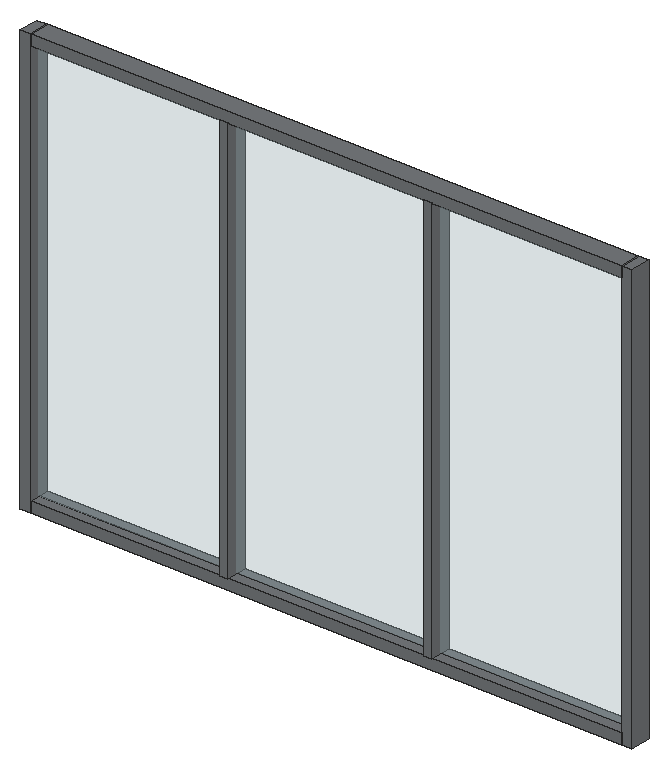
Revit family "LC D05-B - A11", category Doors, host Wall, Revit 2027
Family settings
  Host = Wall
  Always vertical = Yes
  Cut with Voids When Loaded = No
  Shared = No
  Room Calculation Point = No
Parameters (values of type "A11 nominal size")
  Function = Interior
  Frame Projection Ext. = 25 mm
  Frame Projection Int. = 25 mm
  Frame Width = 75 mm
  Height = 2100 mm  # constant formula
  Wall Closure = By host
  Width = 3000 mm  # constant formula
  Description = "A07/A08 position, A11 overall sizes. Frame50x100 and glazing6mm are visual coordination profiles; manufacturer sections/glazing specification pending. Panel divisions follow schedule appearance, undimensioned divisions provisional."
Reference planes
  plane 1: y = 0
  plane 2 "Center (Left/Right)": x = 0
  plane 3 "Left": x = -1500
  plane 4 "Right": x = 1500
  plane 5: z = 2100
  plane 6 "Exterior": y = 75
  plane 7 "Interior": y = -75
Forms (mm)
  Extrusion 1, solid, material "LC Aluminium - charcoal coordination"
    sketch origin (0, 0, 0) x (1, 0, 0) y (0, 1, 0)
      loop
        line (-1500, -50) -> (-1450, -50) -> (-1450, 50) -> (-1500, 50) -> (-1500, -50)
    from 0 to 2100
  Extrusion 2, solid, material "LC Aluminium - charcoal coordination"
    sketch origin (0, 0, 0) x (1, 0, 0) y (0, 1, 0)
      loop
        line (1450, -50) -> (1500, -50) -> (1500, 50) -> (1450, 50) -> (1450, -50)
    from 0 to 2100
  Extrusion 3, solid, material "LC Aluminium - charcoal coordination"
    sketch origin (0, 0, 0) x (1, 0, 0) y (0, 1, 0)
      loop
        line (-1450, -50) -> (1450, -50) -> (1450, 50) -> (-1450, 50) -> (-1450, -50)
    from 2050 to 2100
  Extrusion 4, solid, material "LC Aluminium - charcoal coordination"
    sketch origin (0, 0, 0) x (1, 0, 0) y (0, 1, 0)
      loop
        line (-1450, -50) -> (1450, -50) -> (1450, 50) -> (-1450, 50) -> (-1450, -50)
    from 0 to 50
  Extrusion 5, solid, material "LC Aluminium - charcoal coordination"
    sketch origin (0, 0, 0) x (1, 0, 0) y (0, 1, 0)
      loop
        line (-520, -50) -> (-480, -50) -> (-480, 50) -> (-520, 50) -> (-520, -50)
    from 50 to 2050
  Extrusion 6, solid, material "LC Aluminium - charcoal coordination"
    sketch origin (0, 0, 0) x (1, 0, 0) y (0, 1, 0)
      loop
        line (480, -50) -> (520, -50) -> (520, 50) -> (480, 50) -> (480, -50)
    from 50 to 2050
  Extrusion 7, solid, material "LC Glazing - specification pending"
    sketch origin (0, 0, 0) x (1, 0, 0) y (0, 1, 0)
      loop
        line (-1450, -3) -> (-500, -3) -> (-500, 3) -> (-1450, 3) -> (-1450, -3)
    from 50 to 2050
  Extrusion 8, solid, material "LC Glazing - specification pending"
    sketch origin (0, 0, 0) x (1, 0, 0) y (0, 1, 0)
      loop
        line (-500, -3) -> (500, -3) -> (500, 3) -> (-500, 3) -> (-500, -3)
    from 50 to 2050
  Extrusion 9, solid, material "LC Glazing - specification pending"
    sketch origin (0, 0, 0) x (1, 0, 0) y (0, 1, 0)
      loop
        line (500, -3) -> (1450, -3) -> (1450, 3) -> (500, 3) -> (500, -3)
    from 50 to 2050
Lines and regions (mm)
  Opening 1
    outline origin (-3050, -75, 0) x (1, 0, 0) y (0, 0, 1)
      loop
        line (1550, 0) -> (4550, 0) -> (4550, 2100) -> (1550, 2100) -> (1550, 0)
  symbolic lines, style "Elevation Swing"
    curve 1: line (1500, -75, 1050) -> (-1500, -75, 2100)
    curve 2: line (1500, -75, 1050) -> (-1500, -75, 0)
Text (mm)
  text "Exterior" at (-1376.75, 1099.543, 0), in view "Ref. Level"
  text "Exterior" at (0, 1615.38, 3698.081), in view "Left"
  text "Exterior" at (0, 1036.032, 3874.932), in view "Right"
Dimensions and locks
  equal spacing: plane 3 "Left", plane 2 "Center (Left/Right)", plane 4 "Right"
  "Width": plane 3 "Left" to plane 4 "Right"
  "Height": plane 5 to host wall
  equal spacing: host wall, curve 2, plane 5
  host wall to plane 5 = 2100 mm
  locked: plane 6 "Exterior" to host wall
  locked: plane 7 "Interior" to host wall
  aligned and locked: plane 3 "Left" to Opening 1 sketch curve
  aligned and locked: plane 5 to Opening 1 sketch curve  (x2)
  aligned and locked: Opening 1 sketch curve to plane 4 "Right"
  aligned and locked: Opening 1 sketch curve to level
  aligned and locked: plane 5 to curve 1
  aligned and locked: plane 3 "Left" to curve 2
  aligned and locked: plane 1 to host wall
  aligned and locked: plane 3 "Left" to curve 1
Automatic sketch dimensions
  plane 4 "Right" to curve 2 = 0 mm
  curve 2 to level = 0 mm
  Extrusion 1 sketch curve to plane 3 "Left" = 0 mm
  Extrusion 1 sketch curve to host wall = 25 mm  (x2)
  Extrusion 1 sketch curve to Extrusion 1 sketch curve = 50 mm
  Extrusion 2 sketch curve to plane 4 "Right" = 0 mm
  Extrusion 2 sketch curve to host wall = 25 mm  (x2)
  plane 4 "Right" to Extrusion 2 sketch curve = 50 mm
  Extrusion 3 sketch curve to host wall = 25 mm  (x2)
  Extrusion 3 sketch curve to plane 3 "Left" = 50 mm
  plane 4 "Right" to Extrusion 3 sketch curve = 50 mm
  Extrusion 4 sketch curve to host wall = 25 mm  (x2)
  Extrusion 4 sketch curve to plane 3 "Left" = 50 mm
  plane 4 "Right" to Extrusion 4 sketch curve = 50 mm
  Extrusion 5 sketch curve to host wall = 25 mm  (x2)
  Extrusion 5 sketch curve to plane 2 "Center (Left/Right)" = 520 mm
  Extrusion 5 sketch curve to Extrusion 5 sketch curve = 40 mm
  Extrusion 6 sketch curve to host wall = 25 mm  (x2)
  plane 2 "Center (Left/Right)" to Extrusion 6 sketch curve = 480 mm
  Extrusion 6 sketch curve to Extrusion 6 sketch curve = 40 mm
  host wall to Extrusion 7 sketch curve = 3 mm
  Extrusion 7 sketch curve to plane 3 "Left" = 50 mm
  Extrusion 7 sketch curve to host wall = 3 mm
  Extrusion 7 sketch curve to plane 2 "Center (Left/Right)" = 500 mm
  host wall to Extrusion 8 sketch curve = 3 mm
  Extrusion 8 sketch curve to plane 2 "Center (Left/Right)" = 500 mm
  Extrusion 8 sketch curve to host wall = 3 mm
  plane 2 "Center (Left/Right)" to Extrusion 8 sketch curve = 500 mm
  host wall to Extrusion 9 sketch curve = 3 mm
  plane 2 "Center (Left/Right)" to Extrusion 9 sketch curve = 500 mm
  Extrusion 9 sketch curve to host wall = 3 mm
  plane 4 "Right" to Extrusion 9 sketch curve = 50 mm
